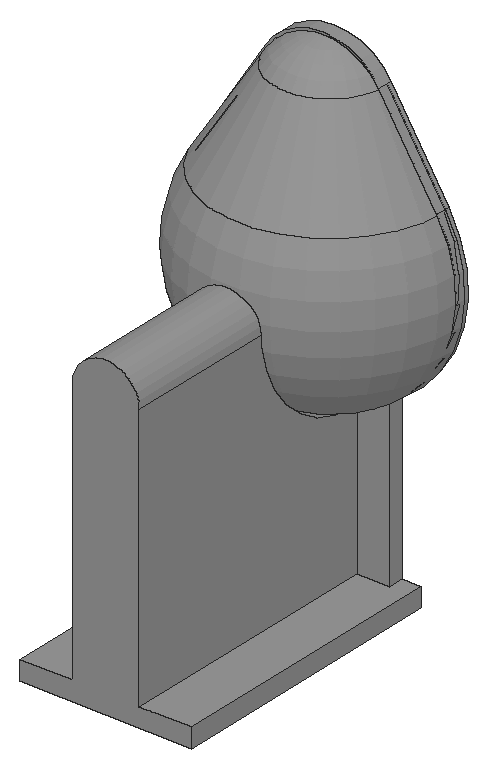
Revit family "Toilet-Willoughby-ETW-1490-FM-TS", category Plumbing Fixtures, Revit 2015
Parameters (values of type "Standard")
  Waste DIA = 2 3/8"
  Waste Connection = yes
  W-RAD [instance] = Waste DIA / 2  # 0' - 1 3/16"
  Vent Connection = no
  URL = "https://www.willoughby-ind.com/wp-content/uploads/2018/01/ETW-1490-FM.pdf"
  Type Comments = ""
  Revision = "A"
  Model = "ETW-1490-FM-TS"
  Manufacturer = "Willoughby Industries"
  HW Connection = no
  Flush inlet DIA = 1 1/2"
  Flush Inlet Connection = yes
  Fixture Body = Stainless Steel AISI 304-Willoughby
  F-RAD [instance] = Flush inlet DIA / 2  # 0' - 0 3/4"
  Description = "Floor Mounted Blow Out Flush Toilet, Top Spud"
  Default Elevation = 0' - 0"
  Contact Number = "(800) 428-4065"
  CW Connection = no
Reference planes (in)
  plane 1 "Base": y = -16.25
  plane 2: z = 0
  plane 3 "Center": x = 18.31072
  plane 4 "Waste height": y = -4.75
  plane 5 "Seat HGT": y = -1.25
  plane 6: y = -2.125
  plane 7: x = 16.56072
  plane 8: x = 20.06072
  plane 9: x = 13.81072
  plane 10: x = 22.81072
  plane 11: z = 2.70924
  plane 12: z = -3
Forms (in)
  Extrusion 1, solid, material "Stainless Steel AISI 304-Willoughby" <- "Fixture Body"
    sketch origin (16.08109, 7.47968, -7.1422) x (-1, 0, 0) y (0, 0, -1)
      loop
        line (1.29775, -16.80087) -> (1.29775, -7.1422) -> (-5.72963, -7.1422) -> (-5.72963, -16.81676)
        arc (-5.72963, -16.81676) -> (-8.98136, -21.11843) -> (-8.21015, -26.45542) r 7
        line (-8.21015, -26.45542) -> (-5.16818, -31.31054)
        arc (-5.16818, -31.31054) -> (-2.20225, -32.95225) -> (0.76368, -31.31054) r 3.5
        line (0.76368, -31.31054) -> (3.80565, -26.45542)
        arc (3.80565, -26.45542) -> (4.5729, -21.10311) -> (1.29775, -16.80087) r 7
      loop
        arc (2.03989, -24.70557) -> (-2.20225, -18.23804) -> (-6.44438, -24.70557) r 4.625
        line (-6.44438, -24.70557) -> (-4.04125, -30.23842)
        arc (-4.04125, -30.23842) -> (-2.20225, -31.45225) -> (-0.36324, -30.23842) r 2
        line (-0.36324, -30.23842) -> (2.03989, -24.70557)
    from 8.72968 to 9.5
  Revolve 2, solid, material "Stainless Steel AISI 304-Willoughby" <- "Fixture Body"
    sketch origin (19.37981, -1.52032, -3.93365) x (-1, 0, 0) y (0, 0, -1)
      loop
        line (1.06174, -12.59906) -> (1.06174, -12.84906)
        arc (1.06174, -12.84906) -> (6.96784, -16.33096) -> (6.78077, -23.18447) r 6.75
        line (6.78077, -23.18447) -> (3.81535, -27.91457)
        arc (3.81535, -27.91457) -> (2.63527, -29.03194) -> (1.06174, -29.43826) r 3.25
        line (1.06174, -29.43826) -> (1.06174, -29.68826)
        arc (1.06174, -29.68826) -> (2.75672, -29.25045) -> (4.02767, -28.04656) r 3.5
        line (4.02767, -28.04656) -> (7.06964, -23.19143)
        arc (7.06964, -23.19143) -> (7.15052, -16.14555) -> (1.06174, -12.59906) r 7
      axis (1.06174, -12.59906) -> (1.06174, -29.68826)
    angle from 0 to -180
  Extrusion 3, solid, material "Stainless Steel AISI 304-Willoughby" <- "Fixture Body"
    sketch origin (19.53334, -3.02032, -4.9508) x (0, 1, 0) y (0, 0, 1)
      loop
        line (-5.27082, 4.9508) -> (1, 4.9508) -> (1, 13.80524)
        arc (1, 13.80524) -> (-3.15813, 15.45207) -> (-5.27082, 19.39398) r 6.50625
        line (-5.27082, 19.39398) -> (-5.27082, 4.9508)
    from 0.52738 to -2.97262
  Extrusion 4, solid, material "Stainless Steel AISI 304-Willoughby" <- "Fixture Body"
    sketch origin (0, 14.59309, 0) x (1, 0, 0) y (0, 1, 0)
      loop
        circle (18.31072, -19.34309) r 1.1875
    from 5.5 to -3
  Extrusion 5, solid, material "Stainless Steel AISI 304-Willoughby" <- "Fixture Body"
    sketch origin (0, 1.11185, 0) x (1, 0, 0) y (0, 0, 1)
      loop
        circle (18.31072, 2.70924) r 0.75
    from 2.36185 to 1.42435
  Extrusion 6, solid, material "Stainless Steel AISI 304-Willoughby" <- "Fixture Body"
    sketch origin (0, -16.25, 0) x (1, 0, 0) y (0, 0, 1)
      loop
        line (22.81072, 0) -> (22.81072, 1) -> (13.81072, 1) -> (13.81072, 0) -> (22.81072, 0)
    from -15 to 0
  Extrusion 7, solid, material "Stainless Steel AISI 304-Willoughby" <- "Fixture Body"
    sketch origin (0, -16.25, 0) x (1, 0, 0) y (0, 0, 1)
      loop
        line (20.06072, 0) -> (20.06072, 14.90818)
        arc (20.06072, 14.90818) -> (18.31072, 16.65818) -> (16.56072, 14.90818) r 1.75
        line (16.56072, 14.90818) -> (16.56072, 0) -> (20.06072, 0)
    from 0 to -7.95886
Cuts and joins
  joined: Extrusion 1, Extrusion 3, Extrusion 4, Extrusion 6, Extrusion 7
Lines and regions (in)
  symbolic lines
    curve 1: line (11.28334, -2.02032, 0) -> (11.28334, -1.25, 0)
    curve 2: line (11.28334, -1.25, 0) -> (25.28334, -1.25, 0)
    curve 3: line (25.28334, -1.25, 0) -> (25.28334, -2.02032, 0)
    curve 4: arc (25.28334, -2.02032, 0) -> (23.0776, -6.6446, 0) -> (18.31072, -8.52239, 0) r 6.98983
    curve 5: arc (18.31072, -8.52239, 0) -> (13.52369, -6.64758, 0) -> (11.28334, -2.02032, 0) r 7.04842
    curve 6: line (22.81072, -6.88104, 0) -> (22.81072, -16.25, 0)
    curve 7: line (22.81072, -16.25, 0) -> (13.81072, -16.25, 0)
    curve 8: line (13.81072, -16.25, 0) -> (13.81072, -6.89908, 0)
    curve 9: line (16.56072, -8.30173, 0) -> (16.56072, -16.25, 0)
    curve 10: line (20.06072, -8.29974, 0) -> (20.06072, -16.25, 0)
    curve 11: line (14.78334, -16.25, 9.65867) -> (14.78334, -16.25, 1)
    curve 12: line (14.78334, -16.25, 1) -> (13.81072, -16.25, 1)
    curve 13: line (13.81072, -16.25, 1) -> (13.81072, -16.25, 0)
    curve 14: line (13.81072, -16.25, 0) -> (22.81072, -16.25, 0)
    curve 15: line (22.81072, -16.25, 0) -> (22.81072, -16.25, 1)
    curve 16: line (22.81072, -16.25, 1) -> (21.81072, -16.25, 1)
    curve 17: line (21.81072, -16.25, 1) -> (21.81072, -16.25, 9.67456)
    curve 18: arc (21.81072, -16.25, 9.67456) -> (25.08799, -16.25, 13.93608) -> (24.32597, -16.25, 19.25778) r 6.9206
    curve 19: line (24.32597, -16.25, 19.25778) -> (21.24927, -16.25, 24.16835)
    curve 20: arc (21.24927, -16.25, 24.16835) -> (19.97832, -16.25, 25.37224) -> (18.28334, -16.25, 25.81005) r 3.5
    curve 21: arc (18.28334, -16.25, 25.81005) -> (16.58835, -16.25, 25.37224) -> (15.31741, -16.25, 24.16835) r 3.5
    curve 22: line (15.31741, -16.25, 24.16835) -> (12.35249, -16.25, 19.43905)
    curve 23: arc (12.35249, -16.25, 19.43905) -> (11.49002, -16.25, 14.03241) -> (14.78334, -16.25, 9.65867) r 7
    curve 29: line (18.31072, -8.4296, 16.67525) -> (18.31072, -16.25, 16.67525)
    curve 30: line (18.31072, -16.25, 16.67525) -> (18.31072, -16.25, 0)
    curve 31: line (18.31072, -16.25, 0) -> (18.31072, -1.25, 0)
    curve 32: line (18.31072, -1.25, 0) -> (18.31072, -1.25, 25.81005)
    curve 33: line (18.31072, -1.25, 25.81005) -> (18.31072, -2.02032, 25.81005)
    curve 34: arc (18.31072, -2.02032, 25.81005) -> (18.31072, -3.29152, 25.30605) -> (18.31072, -4.30177, 24.38445) r 3.79748
    curve 35: line (18.31072, -4.30177, 24.38445) -> (18.31072, -7.52822, 19.25778)
    curve 36: arc (18.31072, -7.52822, 19.25778) -> (18.31072, -8.12539, 18.01764) -> (18.31072, -8.4296, 16.67525) r 6.10578
    curve 37: arc (18.31072, -8.4296, 16.67525) -> (18.31072, -8.31403, 15.24489) -> (18.31072, -8.29114, 13.81005) r 22.19593
    curve 38: arc (18.31072, -8.29114, 13.81005) -> (18.31072, -5.95289, 10.31029) -> (18.31072, -2.02032, 8.81005) r 6.92744
    curve 39: line (18.31072, -1.25, 9.65867) -> (18.31072, -2.02032, 9.65867)
    curve 40: line (18.31072, -2.02032, 9.65867) -> (18.31072, -2.02032, 1)
    curve 41: line (18.31072, -2.02032, 1) -> (18.31072, -16.25, 1)
  symbolic lines, detail levels fine
    curve 24: arc (14.0412, -16.25, 17.56337) -> (18.28334, -16.25, 11.09585) -> (22.52547, -16.25, 17.56337) r 4.625
    curve 25: line (22.52547, -16.25, 17.56337) -> (20.12234, -16.25, 23.09622)
    curve 26: arc (20.12234, -16.25, 23.09622) -> (19.38317, -16.25, 23.97635) -> (18.28334, -16.25, 24.31005) r 2.01767
    curve 27: arc (18.28334, -16.25, 24.31005) -> (17.17969, -16.25, 23.98213) -> (16.44433, -16.25, 23.09622) r 1.9827
    curve 28: line (16.44433, -16.25, 23.09622) -> (14.0412, -16.25, 17.56337)
Dimensions and locks (in)
  locked: plane 1 "Base" to plane 4 "Waste height" at 11.5
  locked: plane 1 "Base" to plane 5 "Seat HGT" at 15
  plane 9 to plane 3 "Center" = 0' - 4 1/2"
  plane 9 to plane 10 = 0' - 9"
  "W-RAD": radius of Extrusion 4 sketch curve
  "F-RAD": radius of Extrusion 5 sketch curve
  aligned and locked: plane 3 "Center" to Extrusion 4 sketch curve
  aligned and locked: plane 4 "Waste height" to Extrusion 4 sketch curve
  aligned and locked: plane 3 "Center" to Extrusion 5 sketch curve
  aligned and locked: plane 11 to Extrusion 5 sketch curve
  aligned and locked: cut or joined group of Extrusion 1, Extrusion 3, Extrusion 4, Extrusion 6, Extrusion 7 to Extrusion 1  (x2)
  aligned and locked: Extrusion 1 to Revolve 2
Automatic sketch dimensions
  Extrusion 1 sketch curve to Extrusion 1 sketch curve = 0' - 0"  (x8)
  Extrusion 1 sketch curve to level = 0' - 0"
  plane 3 "Center" to Extrusion 1 sketch curve = 0' - 5.98052"
  Extrusion 1 sketch curve to Extrusion 1 sketch curve = 0' - 1.76576"  (x2)
  plane 3 "Center" to Extrusion 1 sketch curve = 0' - 3 1/2"
  plane 3 "Center" to Extrusion 1 sketch curve = 0' - 2.93855"
  Extrusion 1 sketch curve to Extrusion 1 sketch curve = 0' - 1.12693"  (x2)
  Extrusion 1 sketch curve to plane 3 "Center" = 0' - 0.02738"  (x2)
  Extrusion 1 sketch curve to plane 3 "Center" = 0' - 1.86639"
  Extrusion 1 sketch curve to plane 3 "Center" = 0' - 3.52738"
  Extrusion 1 sketch curve to plane 3 "Center" = 0' - 4 69/256"
  Extrusion 1 sketch curve to Extrusion 1 sketch curve = 0' - 9.65867"
  Extrusion 1 sketch curve to Extrusion 1 sketch curve = 0' - 0.01589"
  Extrusion 1 sketch curve to Extrusion 1 sketch curve = 0' - 6.06218"
  Extrusion 1 sketch curve to Extrusion 1 sketch curve = 0' - 1.74985"
  Extrusion 1 sketch curve to Extrusion 1 sketch curve = 0' - 4.74668"
  Extrusion 1 sketch curve to Extrusion 1 sketch curve = 0' - 0.78617"
  Extrusion 1 sketch curve to Extrusion 1 sketch curve = 0' - 1.07212"
  Revolve 2 sketch curve to Revolve 2 sketch curve = 0' - 0"  (x2)
  plane 3 "Center" to Revolve 2 sketch curve = 0' - 0.00736"  (x4)
  Revolve 2 sketch curve to plane 3 "Center" = 0' - 2.74625"
  Revolve 2 sketch curve to Revolve 2 sketch curve = 0' - 0.21232"
  Revolve 2 sketch curve to Revolve 2 sketch curve = 0' - 2.96542"
  Revolve 2 sketch curve to Revolve 2 sketch curve = 0' - 0.28887"
  level to Revolve 2 sketch curve = 2' - 1.75461"
  Revolve 2 sketch curve to Revolve 2 sketch curve = 0' - 0 1/4"
  Revolve 2 sketch curve to Revolve 2 sketch curve = 0' - 1.3917"
  Revolve 2 sketch curve to Revolve 2 sketch curve = 0' - 0.13199"
  Revolve 2 sketch curve to Revolve 2 sketch curve = 0' - 4.85513"
  Revolve 2 sketch curve to Revolve 2 sketch curve = 0' - 0.00696"
  Revolve 2 sketch curve to Revolve 2 sketch curve = 0' - 3 1/4"
  Revolve 2 sketch curve to Revolve 2 sketch curve = 0' - 3.3392"
  Revolve 2 sketch curve to Revolve 2 sketch curve = 0' - 2.4108"
  Extrusion 6 sketch curve to plane 9 = 0' - 0"
  Extrusion 6 sketch curve to plane 10 = 0' - 0"
  Extrusion 6 sketch curve to level = 0' - 0"
  level to Extrusion 6 sketch curve = 0' - 1"
  Extrusion 7 sketch curve to level = 0' - 0"
  Extrusion 7 sketch curve to plane 8 = 0' - 0"
  plane 11 to Extrusion 7 sketch curve = 1' - 0.19894"
  plane 7 to Extrusion 7 sketch curve = 0' - 0"
  plane 5 "Seat HGT" to curve 1 = 0' - 0"
  curve 8 to plane 9 = 0' - 0"
  curve 9 to plane 7 = 0' - 0"
  curve 4 to plane 3 "Center" = 0' - 0"
  plane 1 "Base" to curve 10 = 0' - 0"
  curve 10 to plane 8 = 0' - 0"
  curve 6 to plane 10 = 0' - 0"
  curve 5 to plane 3 "Center" = 0' - 0"
  curve 5 to plane 3 "Center" = 0' - 0.00017"
  plane 6 to curve 3 = 0' - 0.10468"
  plane 10 to curve 3 = 0' - 2.47262"
  plane 6 to curve 1 = 0' - 0.10468"
  plane 5 "Seat HGT" to curve 4 = 0' - 0.28257"
  curve 5 to curve 10 = 0' - 0 57/256"
  curve 20 to curve 21 = 0' - 0"
  curve 23 to curve 24 = 0' - 0"  (x2)
  curve 14 to level = 0' - 0"
  curve 14 to plane 9 = 0' - 0"
  curve 15 to plane 10 = 0' - 0"
  curve 22 to plane 9 = 0' - 1.45823"
  curve 12 to curve 11 = 0' - 0.97262"
  curve 22 to plane 7 = 0' - 1.24331"
  curve 26 to plane 3 "Center" = 0' - 0.03902"
  curve 26 to curve 27 = 0' - 0.0002"
  curve 24 to plane 3 "Center" = 0' - 0.02738"
  curve 27 to curve 21 = 0' - 0.01144"
  plane 3 "Center" to curve 18 = 0' - 0.08339"
  plane 8 to curve 25 = 0' - 0.06162"
  plane 8 to curve 19 = 0' - 1.18855"
  curve 17 to plane 10 = 0' - 1"
  curve 25 to plane 10 = 0' - 0.28525"
  plane 10 to curve 19 = 0' - 1.51526"
  level to curve 12 = 0' - 1"
  level to curve 16 = 0' - 1"
  plane 11 to curve 11 = 0' - 6.94943"
  plane 11 to curve 17 = 0' - 6.96532"
  curve 17 to curve 18 = 0' - 6.01843"
  curve 18 to curve 24 = 0' - 0.02786"
  curve 25 to curve 18 = 0' - 1.6944"
  curve 25 to curve 26 = 0' - 4.72905"
  curve 26 to curve 20 = 0' - 0.01763"
  curve 21 to curve 27 = 0' - 0.01733"
  curve 21 to curve 25 = 0' - 0.78617"
  curve 25 to curve 19 = 0' - 1.07212"
  plane 9 to curve 24 = 0' - 0 59/256"
  curve 28 to plane 7 = 0' - 0.11639"
  curve 27 to curve 26 = 0' - 0"
  curve 30 to plane 1 "Base" = 0' - 0"
  curve 32 to plane 5 "Seat HGT" = 0' - 0"
  curve 32 to level = 0' - 0"
  plane 1 "Base" to curve 37 = 1' - 2.23409"
  plane 4 "Waste height" to curve 29 = 0' - 3.6796"
  curve 36 to curve 35 = 0' - 0.90137"
  curve 35 to plane 4 "Waste height" = 0' - 0.44823"
  curve 36 to plane 6 = 0' - 0.23566"
  plane 6 to curve 40 = 0' - 0.10468"
  plane 6 to curve 33 = 0' - 0.10468"
  plane 5 "Seat HGT" to curve 38 = 0' - 0.38413"
  plane 5 "Seat HGT" to curve 34 = 0' - 0.02916"
  plane 11 to curve 39 = 0' - 6.94943"
  plane 11 to curve 37 = 0' - 11.46429"
  curve 39 to curve 38 = 0' - 6.06805"
  curve 38 to curve 36 = 0' - 0.27887"
  curve 36 to curve 30 = 0' - 0.66967"
  curve 36 to curve 34 = 0' - 6.08002"
  curve 34 to curve 35 = 0' - 2.29884"
  curve 37 to curve 37 = 0' - 0.13846"
  level to curve 41 = 0' - 1"
  Extrusion 3 sketch curve to level = 0' - 0"
  plane 4 "Waste height" to Extrusion 3 sketch curve = 0' - 3.54114"
  plane 6 to Extrusion 3 sketch curve = 0' - 0.10468"
  plane 6 to Extrusion 3 sketch curve = 0' - 0.27542"
  plane 11 to Extrusion 3 sketch curve = 1' - 0.64921"
  Extrusion 3 sketch curve to Extrusion 3 sketch curve = 0' - 6.50401"
Connectors (in)
  piping at (18.31072, -4.75, -3), diameter 2.375, driven by "W-RAD", driven by "Waste Connection"
    settings: on Extrusion 4, index 1, connector inside diameter 2 1/2", connector length 0' - 0", flow factor 0, pipe flow 0 GPM, pressure drop 0.00 psi, fitting loss kfactor 0, connector angle 0.00°, fixture units 0, engagement length 0' - 0", angle of deflection 0.00°, flow configuration 0, flow direction 2, fitting loss method 0, system type 16, joint type 0, gender type 0, connector reference index -1, connector utility 1, adjustable connector yes, is connector primary yes, connector description "Toilet Waste"
  piping at (18.31072, -0.3125, 2.70924), diameter 1.5, driven by "F-RAD", driven by "Flush Inlet Connection"
    settings: on Extrusion 5, index 2, connector inside diameter 1 1/2", connector length 0' - 0", flow factor 0, pipe flow 0 GPM, pressure drop 0.00 psi, fitting loss kfactor 0, connector angle 0.00°, fixture units 0, engagement length 0' - 0", angle of deflection 0.00°, flow configuration 0, flow direction 1, fitting loss method 0, system type 20, joint type 0, gender type 0, connector reference index -1, connector utility 1, adjustable connector no, is connector primary no, connector description "Flush Inlet"
